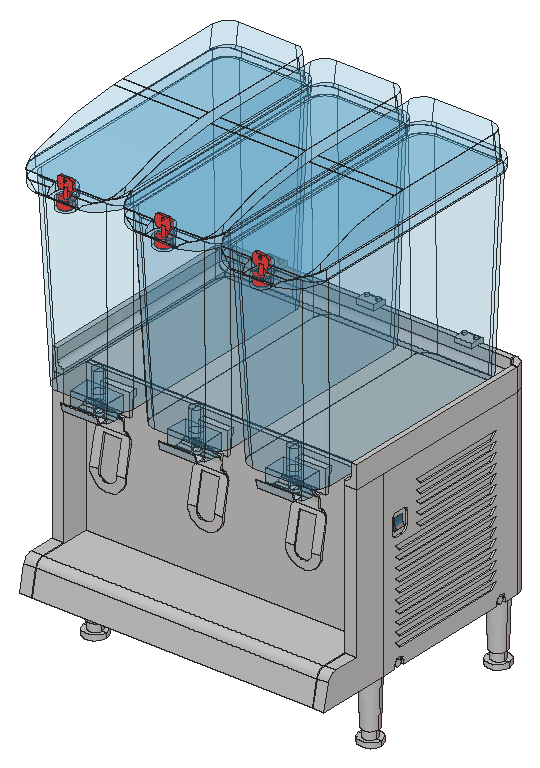
Revit family "QF_ELECTROLUXPROFESSIONAL_600935_ECS3L22", category Specialty Equipment, Revit 2018
Family settings
  Round Connector Dimension = Use Diameter
  Part Type = Normal
  Work Plane-Based = No
  Always vertical = Yes
  Cut with Voids When Loaded = No
  Shared = No
  Room Calculation Point = No
Parameters (values of type "Standard")
  Weight = 33.00 kg
  Watts = 0 W
  Volts = 230 V
  URL Manufacturer = "http://professional.electrolux.com"
  URL = "http://professional.electrolux.com"
  Steam Supply Size = 0 mm
  Steam Supply Minimum Pressure = 0.0 Pa
  Steam Supply Maximum Pressure = 0.0 Pa
  Steam Pounds per Hour = 0
  Refrigeration Suction Line Size = 0 mm
  Refrigeration Liquid Line Size = 0 mm
  Refrigerant Compressor Remote = yes
  Manufacturer = "Electrolux Professional"
  Phase = 1
  Model = "ECS3L22"
  Length Actual = 518.0 mm  # constant formula
  Item Number = "600935"
  Hot Water Size = 0 mm
  Height Actual = 818.0 mm  # constant formula
  HP = "1.3 HP"
  Gas Size = 0 mm
  Gas KW = 0
  Gas Input Pressure = 0 W
  Direct Waste Size = 0 mm
  Description = "COLD BEV DISP. 3X18 LT - AGITATOR"
  Depth Actual = 451.0 mm  # constant formula
  Cycle = 60 Hz
  Condensate Return Size = 0 mm
  Compressed Air Volume = 0.0 L/s
  Compressed Air Size = 0 mm
  Compressed Air Pressure = 0.0 Pa
  Cold Water Size = 0 mm
  Accessory = yes
Reference planes
  plane 1 "Center (Front/Back)": y = 0
  plane 2 "BASE": z = 0
  plane 3 "Center (Left/Right)": x = 0
  plane 4 "FEET": z = 110
  plane 5 "BACK": y = 212
  plane 6 "LEFT": x = -260
  plane 7 "RIGHT": x = 260
  plane 8 "FeetBack": y = 182
  plane 9 "EI_Front": y = -18
  plane 10 "TopBase": z = 420
  plane 11 "TOP": z = 818
  plane 12 "FRONT": y = -256
  plane 13 "FeetFront": y = -91
  plane 14 "Fillet": y = 192
  plane 15 "EI_Left": x = 234.6
  plane 16 "BaseVasca": z = 420
  plane 17 "Key": y = -238.074
Forms (mm)
  Extrusion 1, solid, material "QF_Finishes_Rubber Black"
    sketch origin (127, -237.264, 237.417) x (-1, 0, 0) y (0, 0, 1)
      loop
        line (-134.813, 85.505) -> (-130.245, 83.471) -> (-130.245, 81.362) -> (-128, 81.362) -> (-128, 101.362) -> (-130.245, 101.362)
        arc (-130.245, 101.362) -> (-131.172, 93.043) -> (-134.813, 85.505) r 24.82
    from 185 to 170
  Extrusion 2, solid, material "QF_Clearances", detail levels coarse
    sketch origin (1888.173, -11.659, 0) x (1, 0, 0) y (0, 1, 0)
      loop
        line (-2148.173, -244.341) -> (-2148.173, 223.659) -> (-1628.173, 223.659) -> (-1628.173, -244.341) -> (-1501.173, -244.341) -> (-1501.173, 373.659) -> (-2275.173, 373.659) -> (-2275.173, -244.341) -> (-2148.173, -244.341)
    from 0 to 818
  Revolve 3, solid, material "QF_Finishes_Stainless Steel"
    sketch origin (127, -91, 0) x (0, 0, 1) y (1, 0, 0)
      loop
        line (0, 127) -> (0, 108) -> (110, 108) -> (110, 125.038) -> (23, 122) -> (23, 119) -> (8, 119) -> (8, 127) -> (0, 127)
      axis (0, 108) -> (110, 108)
    angle from 0 to 360
  Revolve 4, solid, material "QF_Finishes_Stainless Steel"
    sketch origin (-127, -91, 0) x (0, 0, 1) y (1, 0, 0)
      loop
        line (0, -127) -> (8, -127) -> (8, -119) -> (23, -119) -> (23, -122) -> (110, -125.038) -> (110, -108) -> (0, -108) -> (0, -127)
      axis (0, -108) -> (110, -108)
    angle from 0 to 360
  Revolve 5, solid, material "QF_Finishes_Stainless Steel"
    sketch origin (127, 182, 0) x (-1, 0, 0) y (0, 0, 1)
      loop
        line (-127, 0) -> (-108, 0) -> (-108, 110) -> (-125.038, 110) -> (-122, 23) -> (-119, 23) -> (-119, 8) -> (-127, 8) -> (-127, 0)
      axis (-108, 0) -> (-108, 110)
    angle from 0 to 360
  Revolve 6, solid, material "QF_Finishes_Stainless Steel"
    sketch origin (-127, 182, 0) x (-1, 0, 0) y (0, 0, 1)
      loop
        line (127, 0) -> (127, 8) -> (119, 8) -> (119, 23) -> (122, 23) -> (125.038, 110) -> (108, 110) -> (108, 0) -> (127, 0)
      axis (108, 0) -> (108, 110)
    angle from 0 to 360
  Extrusion 7, solid, material "QF_Finishes_Stainless Steel"
    sketch origin (260, 0, 0) x (0, -1, 0) y (0, 0, 1)
      loop
        line (96.764, 110) -> (221, 110) -> (211.598, 151.16)
        arc (211.598, 151.16) -> (205.975, 160.107) -> (196, 163.597) r 16
        line (196, 163.597) -> (151, 163.597) -> (151, 420) -> (96.764, 420) -> (96.764, 110)
    from 20 to 0
  Extrusion 8, solid, material "QF_Finishes_Stainless Steel"
    sketch origin (0, 0, 0) x (0, 1, 0) y (0, 0, 1)
      loop
        line (-96.764, 110) -> (-96.764, 420) -> (-106, 420) -> (-106, 163.597) -> (-196, 163.597)
        arc (-196, 163.597) -> (-205.975, 160.107) -> (-211.598, 151.16) r 16
        line (-211.598, 151.16) -> (-221, 110) -> (-96.764, 110)
    from -240 to 240
  Extrusion 9, solid, material "QF_Finishes_Stainless Steel"
    sketch origin (260, -1000, 0) x (0, -1, 0) y (0, 0, 1)
      loop
        line (-903.236, 110) -> (-903.236, 420) -> (-1192, 420) -> (-1192, 110) -> (-1166, 110) -> (-1166, 115.694)
        arc (-1166, 115.694) -> (-1156, 125.694) -> (-1146, 115.694) r 10
        line (-1146, 115.694) -> (-1146, 110) -> (-948, 110) -> (-948, 115.694)
        arc (-948, 115.694) -> (-938, 125.694) -> (-928, 115.694) r 10
        line (-928, 115.694) -> (-928, 110) -> (-903.236, 110)
      loop
        arc (-923.159, 339.837) -> (-926.088, 346.908) -> (-933.159, 349.837) r 10
        line (-933.159, 349.837) -> (-947.159, 349.837)
        arc (-947.159, 349.837) -> (-954.23, 346.908) -> (-957.159, 339.837) r 10
        line (-957.159, 339.837) -> (-957.159, 319.837)
        arc (-957.159, 319.837) -> (-954.23, 312.766) -> (-947.159, 309.837) r 10
        line (-947.159, 309.837) -> (-933.159, 309.837)
        arc (-933.159, 309.837) -> (-926.088, 312.766) -> (-923.159, 319.837) r 10
        line (-923.159, 319.837) -> (-923.159, 339.837)
      loop
        line (-974.071, 381.364) -> (-1149.071, 381.364) -> (-1137.071, 369.364) -> (-986.071, 369.364) -> (-974.071, 381.364)
      loop
        line (-974.071, 364.864) -> (-1149.071, 364.864) -> (-1137.071, 352.864) -> (-986.071, 352.864) -> (-974.071, 364.864)
      loop
        line (-974.071, 348.364) -> (-1149.071, 348.364) -> (-1137.071, 336.364) -> (-986.071, 336.364) -> (-974.071, 348.364)
      loop
        line (-974.071, 331.864) -> (-1149.071, 331.864) -> (-1137.071, 319.864) -> (-986.071, 319.864) -> (-974.071, 331.864)
      loop
        line (-974.071, 315.364) -> (-1149.071, 315.364) -> (-1137.071, 303.364) -> (-986.071, 303.364) -> (-974.071, 315.364)
      loop
        line (-929.071, 298.864) -> (-1149.071, 298.864) -> (-1137.071, 286.864) -> (-941.071, 286.864) -> (-929.071, 298.864)
      loop
        line (-929.071, 282.364) -> (-1149.071, 282.364) -> (-1137.071, 270.364) -> (-941.071, 270.364) -> (-929.071, 282.364)
      loop
        line (-929.071, 265.864) -> (-1149.071, 265.864) -> (-1137.071, 253.864) -> (-941.071, 253.864) -> (-929.071, 265.864)
      loop
        line (-929.071, 249.364) -> (-1149.071, 249.364) -> (-1137.071, 237.364) -> (-941.071, 237.364) -> (-929.071, 249.364)
      loop
        line (-929.071, 232.864) -> (-1149.071, 232.864) -> (-1137.071, 220.864) -> (-941.071, 220.864) -> (-929.071, 232.864)
      loop
        line (-929.071, 216.364) -> (-1149.071, 216.364) -> (-1137.071, 204.364) -> (-941.071, 204.364) -> (-929.071, 216.364)
      loop
        line (-929.071, 199.864) -> (-1149.071, 199.864) -> (-1137.071, 187.864) -> (-941.071, 187.864) -> (-929.071, 199.864)
      loop
        line (-929.071, 183.364) -> (-1149.071, 183.364) -> (-1137.071, 171.364) -> (-941.071, 171.364) -> (-929.071, 183.364)
      loop
        line (-929.071, 166.864) -> (-1149.071, 166.864) -> (-1137.071, 154.864) -> (-941.071, 154.864) -> (-929.071, 166.864)
      loop
        line (-929.071, 150.364) -> (-1149.071, 150.364) -> (-1137.071, 138.364) -> (-941.071, 138.364) -> (-929.071, 150.364)
    from 5 to 0
  Extrusion 10, solid, material "QF_Finishes_Stainless Steel"
    sketch origin (-260, 0, 0) x (0, 1, 0) y (0, 0, 1)
      loop
        line (-96.764, 110) -> (-96.764, 420) -> (-151, 420) -> (-151, 163.597) -> (-196, 163.597)
        arc (-196, 163.597) -> (-205.975, 160.107) -> (-211.598, 151.16) r 16
        line (-211.598, 151.16) -> (-221, 110) -> (-96.764, 110)
    from 20 to 0
  Extrusion 11, solid, material "QF_Finishes_Stainless Steel"
    sketch origin (-260, 0, 0) x (0, 1, 0) y (0, 0, 1)
      loop
        line (-96.764, 110) -> (-72, 110) -> (-72, 115.694)
        arc (-72, 115.694) -> (-62, 125.694) -> (-52, 115.694) r 10
        line (-52, 115.694) -> (-52, 110) -> (146, 110) -> (146, 115.694)
        arc (146, 115.694) -> (156, 125.694) -> (166, 115.694) r 10
        line (166, 115.694) -> (166, 110) -> (192, 110) -> (192, 420) -> (-96.764, 420) -> (-96.764, 110)
      loop
        line (-70.929, 381.364) -> (-58.929, 369.364) -> (137.071, 369.364) -> (149.071, 381.364) -> (-70.929, 381.364)
      loop
        line (-70.929, 364.864) -> (-58.929, 352.864) -> (137.071, 352.864) -> (149.071, 364.864) -> (-70.929, 364.864)
      loop
        line (-70.929, 348.364) -> (-58.929, 336.364) -> (137.071, 336.364) -> (149.071, 348.364) -> (-70.929, 348.364)
      loop
        line (-70.929, 331.864) -> (-58.929, 319.864) -> (137.071, 319.864) -> (149.071, 331.864) -> (-70.929, 331.864)
      loop
        line (-70.929, 315.364) -> (-58.929, 303.364) -> (137.071, 303.364) -> (149.071, 315.364) -> (-70.929, 315.364)
      loop
        line (-70.929, 298.864) -> (-58.929, 286.864) -> (137.071, 286.864) -> (149.071, 298.864) -> (-70.929, 298.864)
      loop
        line (-70.929, 282.364) -> (-58.929, 270.364) -> (137.071, 270.364) -> (149.071, 282.364) -> (-70.929, 282.364)
      loop
        line (-70.929, 265.864) -> (-58.929, 253.864) -> (137.071, 253.864) -> (149.071, 265.864) -> (-70.929, 265.864)
      loop
        line (-70.929, 249.364) -> (-58.929, 237.364) -> (137.071, 237.364) -> (149.071, 249.364) -> (-70.929, 249.364)
      loop
        line (-70.929, 232.864) -> (-58.929, 220.864) -> (137.071, 220.864) -> (149.071, 232.864) -> (-70.929, 232.864)
      loop
        line (-70.929, 216.364) -> (-58.929, 204.364) -> (137.071, 204.364) -> (149.071, 216.364) -> (-70.929, 216.364)
      loop
        line (-70.929, 199.864) -> (-58.929, 187.864) -> (137.071, 187.864) -> (149.071, 199.864) -> (-70.929, 199.864)
      loop
        line (-70.929, 183.364) -> (-58.929, 171.364) -> (137.071, 171.364) -> (149.071, 183.364) -> (-70.929, 183.364)
      loop
        line (-70.929, 166.864) -> (-58.929, 154.864) -> (137.071, 154.864) -> (149.071, 166.864) -> (-70.929, 166.864)
      loop
        line (-70.929, 150.364) -> (-58.929, 138.364) -> (137.071, 138.364) -> (149.071, 150.364) -> (-70.929, 150.364)
    from 5 to 0
  Extrusion 12, solid, material "QF_Finishes_Stainless Steel"
    sketch origin (0, 0, 0) x (0, 1, 0) y (0, 0, 1)
      loop
        line (-96.764, 110) -> (192, 110) -> (192, 420) -> (-96.764, 420) -> (-96.764, 110)
    from 255 to -255
  Extrusion 13, solid, material "QF_Finishes_Stainless Steel"
    sketch origin (0, 0, 0) x (0, 1, 0) y (0, 0, 1)
      loop
        line (212, 110) -> (212, 420) -> (192, 420) -> (192, 110) -> (212, 110)
    from 240 to -240
  Extrusion 14, solid, material "QF_Finishes_Stainless Steel"
    sketch origin (0, -256, 0) x (-1, 0, 0) y (0, 0, 1)
      loop
        line (-260, 420) -> (-240, 420) -> (-240, 428.026)
        arc (-240, 428.026) -> (-247.802, 431.235) -> (-251.037, 439.026) r 11
        line (-251.037, 439.026) -> (-251.037, 458.026) -> (-260, 458.026) -> (-260, 420)
      loop
        line (260, 420) -> (260, 458.026) -> (251.037, 458.026) -> (251.037, 439.026)
        arc (251.037, 439.026) -> (247.802, 431.235) -> (240, 428.026) r 11
        line (240, 428.026) -> (240, 420) -> (260, 420)
    from 448 to 105
  Extrusion 15, solid, material "QF_Finishes_Stainless Steel"
    sketch origin (0, 0, 0) x (0, 1, 0) y (0, 0, 1)
      loop
        line (212, 420) -> (212, 458.026) -> (203.037, 458.026) -> (203.037, 439.026)
        arc (203.037, 439.026) -> (199.802, 431.235) -> (192, 428.026) r 11
        line (192, 428.026) -> (192, 420) -> (212, 420)
    from 240 to -240
  Revolve 16, solid, material "QF_Finishes_Stainless Steel"
    sketch origin (127, 192, 0) x (-1, 0, 0) y (0, 0, 1)
      loop
        line (-113, 420) -> (-113, 428.026)
        arc (-113, 428.026) -> (-120.802, 431.235) -> (-124.037, 439.026) r 11
        line (-124.037, 439.026) -> (-124.037, 458.026) -> (-133, 458.026) -> (-133, 420) -> (-113, 420)
      axis (-113, 420) -> (-113, 458.026)
    angle from 0 to -90
  Revolve 17, solid, material "QF_Finishes_Stainless Steel"
    sketch origin (-127, 192, 0) x (1, 0, 0) y (0, 0, 1)
      loop
        line (-113, 420) -> (-113, 428.026)
        arc (-113, 428.026) -> (-120.802, 431.235) -> (-124.037, 439.026) r 11
        line (-124.037, 439.026) -> (-124.037, 458.026) -> (-133, 458.026) -> (-133, 420) -> (-113, 420)
      axis (-113, 420) -> (-113, 458.026)
    angle from 0 to -90
  Extrusion 18, solid, material "QF_Finishes_Stainless Steel"
    sketch origin (0, 0, 110) x (-1, 0, 0) y (0, -1, 0)
      loop
        line (240, -192) -> (240, -212)
        arc (240, -212) -> (254.142, -206.142) -> (260, -192) r 20
        line (260, -192) -> (240, -192)
      loop
        arc (-260, -192) -> (-254.142, -206.142) -> (-240, -212) r 20
        line (-240, -212) -> (-240, -192) -> (-260, -192)
    from 0 to 310
  Extrusion 19, solid, material "QF_Finishes_Stainless Steel"
    sketch origin (260, 0, 0) x (0, -1, 0) y (0, 0, 1)
      loop
        circle (62, 115.694) r 5
      loop
        circle (-156, 115.694) r 5
    from 1 to 5
  Extrusion 20, solid, material "QF_Finishes_Stainless Steel"
    sketch origin (-260, 0, 0) x (0, 1, 0) y (0, 0, 1)
      loop
        circle (-62, 115.694) r 5
      loop
        circle (156, 115.694) r 5
    from 1 to 5
  Extrusion 21, solid, material "QF_Finishes_Stainless Steel"
    sketch origin (126.6, -18, 110) x (-1, 0, 0) y (0, -1, 0)
      loop
        circle (-108, 0) r 10
    from 0 to -10
Lines and regions (mm)
  symbolic lines
    curve 1: arc (-240, 212, 420) -> (-254.142, 206.142, 420) -> (-260, 192, 420) r 20
    curve 2: line (240, 212, 420) -> (182, 212, 420)
    curve 3: arc (240, 212, 420) -> (254.142, 206.142, 420) -> (260, 192, 420) r 20
    curve 4: line (-260, 192, 420) -> (-260, -221, 420)
    curve 5: line (260, -221, 420) -> (260, 192, 420)
    curve 6: line (240, 203.037, 420) -> (182, 203.037, 420)
    curve 7: arc (-240, 203.037, 420) -> (-247.805, 199.805, 420) -> (-251.037, 192, 420) r 11.037
    curve 8: arc (240, 203.037, 420) -> (247.805, 199.805, 420) -> (251.037, 192, 420) r 11.037
    curve 9: line (-251.037, 192, 420) -> (-251.037, -151, 420)
    curve 10: line (251.037, 192, 420) -> (251.037, -151, 420)
    curve 11: line (-248.369, -151, 420) -> (-260, -151, 420)
    curve 12: line (-260, -221, 420) -> (-244.943, -221, 420)
    curve 13: line (260, -221, 420) -> (244.943, -221, 420)
    curve 14: line (260, -151, 420) -> (248.369, -151, 420)
    curve 15: line (-182, 203.037, 420) -> (-240, 203.037, 420)
    curve 16: line (-15, 203.037, 420) -> (-152, 203.037, 420)
    curve 17: line (-15, 212, 420) -> (-152, 212, 420)
    curve 18: line (-182, 212, 420) -> (-240, 212, 420)
    curve 19: line (15, 212, 420) -> (152, 212, 420)
    curve 20: line (15, 203.008, 420) -> (152, 203.008, 420)
    curve 21: line (77.943, -221, 0) -> (89.057, -221, 0)
    curve 22: line (-89.057, -221, 0) -> (-77.943, -221, 0)
Dimensions and locks
  plane 4 "FEET" to level = 110.0 mm
  plane 6 "LEFT" to plane 3 "Center (Left/Right)" to plane 7 "RIGHT" = 260.0 mm, 260.0 mm
  plane 6 "LEFT" to plane 7 "RIGHT" = 520.0 mm
  plane 5 "BACK" to plane 8 "FeetBack" = 30.0 mm
  plane 7 "RIGHT" to plane 6 "LEFT" = 520.0 mm
  plane 5 "BACK" to plane 12 "FRONT" = 468.0 mm
  plane 11 "TOP" to level = 818.0 mm
  plane 9 "EI_Front" to plane 5 "BACK" = 230.0 mm
  plane 10 "TopBase" to level = 420.0 mm
  plane 15 "EI_Left" to plane 7 "RIGHT" = 25.4 mm
  plane 5 "BACK" to plane 9 "EI_Front" = 230.0 mm
  aligned and locked: level to plane 2 "BASE"
Nested families
  nested 1: "CS3-V3" at (0, 0.03, 0), type "CS3-V3"
  nested 2: "CS3-V3" at (-167, 0.03, 0), type "CS3-V3"
  nested 3: "CS3-V3" at (167, 0.03, 0), type "CS3-V3"
Connectors
  electrical at (234.6, -18, 100), driven by "Volts"
    settings: on Extrusion 21, index 1, voltage 230 V, apparent load 0 VA, apparent load phase1 0 VA, apparent load phase2 0 VA, apparent load phase3 0 VA, power factor 1, load classification "Other", number of poles 1, system type 30, power factor state 1, is connector primary yes, connector utility no, sub classification motor no, connector description "Electrical Connection"
Definition of nested family "CS3-V3"
  Parameters (values of type "CS3-V3")
    Weight = 48.00 kg
    Watts = 71.5353 W
    Volts = 230 V
    URL Manufacturer = "http://professional.electrolux.com"
    URL = "http://professional.electrolux.com"
    Steam Supply Size = 0 mm
    Steam Supply Minimum Pressure = 0.0 Pa
    Steam Supply Maximum Pressure = 0.0 Pa
    Steam Pounds per Hour = 0
    Refrigeration Suction Line Size = 0 mm
    Refrigeration Liquid Line Size = 0 mm
    Refrigerant Compressor Remote = yes
    Manufacturer = "Electrolux"
    Phase = 1
    Model = "SP2ITNK"
    Length Actual = 447.0 mm  # constant formula
    Item Number = "560013"
    Hot Water Size = 0 mm
    Height Actual = 612.0 mm  # constant formula
    HP = "1 HP"
    Gas Size = 0 mm
    Gas KW = 0
    Gas Input Pressure = 0 W
    Description = "2X5 LT BOWL - FROZEN GRANITA AND FROZEN CREAM DISPENSER - 2 INSULATED BOWLS - WHITE"
    Depth Actual = 438.0 mm  # constant formula
    Cycle = 50 Hz
    Condensate Return Size = 0 mm
    Compressed Air Volume = 0.0 L/s
    Compressed Air Size = 0 mm
    Compressed Air Pressure = 0.0 Pa
    Cold Water Size = 0 mm
    Accessory = yes
  Reference planes
    plane 1 "Center (Front/Back)": y = 0
    plane 2 "BASE": z = 0
    plane 3 "Center (Left/Right)": x = 0
    plane 4 "FEET": z = 110
    plane 5 "BACK": y = 212
    plane 6 "TopBase": z = 420
    plane 7 "TOP2": z = 729
    plane 8 "FRONT": y = -256
    plane 9 "Fillet": y = 192
    plane 10 "BaseVasca": z = 420
    plane 11 "Key": y = -238.074
    plane 12: y = -168.455
    plane 13: z = 818
    plane 14 "Left": x = -81.369
    plane 15 "Right": x = 81.369
  Forms (mm)
    Blend 1, solid
      base sketch origin (64.522, 0, 420) x (0, -1, 0) y (1, 0, 0)
        loop
          arc (178, -132.522) -> (195.678, -125.199) -> (203, -107.522) r 25
          line (203, -107.522) -> (203, -21.522)
          arc (203, -21.522) -> (195.678, -3.844) -> (178, 3.478) r 25
          line (178, 3.478) -> (-167, 3.478)
          arc (-167, 3.478) -> (-184.678, -3.844) -> (-192, -21.522) r 25
          line (-192, -21.522) -> (-192, -107.522)
          arc (-192, -107.522) -> (-184.678, -125.199) -> (-167, -132.522) r 25
          line (-167, -132.522) -> (178, -132.522)
      top sketch origin (64.522, 0, 420) x (0, -1, 0) y (1, 0, 0)
        loop
          arc (-199, -118.022) -> (-191.678, -135.699) -> (-174, -143.022) r 25
          line (-174, -143.022) -> (193, -143.022)
          arc (193, -143.022) -> (210.678, -135.699) -> (218, -118.022) r 25
          line (218, -118.022) -> (218, -11.022)
          arc (218, -11.022) -> (210.678, 6.656) -> (193, 13.978) r 25
          line (193, 13.978) -> (-174, 13.978)
          arc (-174, 13.978) -> (-191.678, 6.656) -> (-199, -11.022) r 25
          line (-199, -11.022) -> (-199, -118.022)
      from 8 to 336
    Blend 2, solid
      base sketch origin (133, 0, 420) x (0, -1, 0) y (1, 0, 0)
        loop
          arc (-192, -186.706) -> (-184.678, -204.383) -> (-167, -211.706) r 25
          line (-167, -211.706) -> (210.038, -211.706)
          arc (210.038, -211.706) -> (240.444, -199.111) -> (253.038, -168.706) r 43
          line (253.038, -168.706) -> (253.038, -97.706)
          arc (253.038, -97.706) -> (240.444, -67.3) -> (210.038, -54.706) r 43
          line (210.038, -54.706) -> (-167, -54.706)
          arc (-167, -54.706) -> (-184.678, -62.028) -> (-192, -79.706) r 25
          line (-192, -79.706) -> (-192, -186.706)
      top sketch origin (133, 0, 420) x (0, -1, 0) y (1, 0, 0)
        loop
          arc (-192, -181.5) -> (-184.678, -199.178) -> (-167, -206.5) r 25
          line (-167, -206.5) -> (200.138, -206.5)
          arc (200.138, -206.5) -> (235.494, -191.855) -> (250.138, -156.5) r 50
          line (250.138, -156.5) -> (250.138, -109.5)
          arc (250.138, -109.5) -> (235.494, -74.145) -> (200.138, -59.5) r 50
          line (200.138, -59.5) -> (-167, -59.5)
          arc (-167, -59.5) -> (-184.678, -66.822) -> (-192, -84.5) r 25
          line (-192, -84.5) -> (-192, -181.5)
      from 354.3 to 398
    Extrusion 3, solid
      sketch origin (64.522, 0, 420) x (0, -1, 0) y (1, 0, 0)
        loop
          line (256, -102.29) -> (256, -26.753)
          arc (256, -26.753) -> (236.607, 4.592) -> (201.845, 16.847) r 55.433
          line (201.845, 16.847) -> (-176.323, 16.847)
          arc (-176.323, 16.847) -> (-195.191, 8.233) -> (-202.9, -11.022) r 27.9
          line (-202.9, -11.022) -> (-202.9, -118.022)
          arc (-202.9, -118.022) -> (-195.191, -137.277) -> (-176.323, -145.89) r 27.9
          line (-176.323, -145.89) -> (201.845, -145.89)
          arc (201.845, -145.89) -> (236.607, -133.636) -> (256, -102.29) r 55.433
      from 354.3 to 336
    Extrusion 4, void
      sketch origin (0, 0, 0) x (0, 1, 0) y (0, 0, 1)
        loop
          line (-26.39, 818) -> (-26.39, 823) -> (-256, 823) -> (-256, 758.303) -> (-254.726, 761.803)
          arc (-254.726, 761.803) -> (-252.106, 766.514) -> (-248.147, 770.172) r 17.063
          arc (-248.147, 770.172) -> (-148.754, 802.466) -> (-45.263, 817.011) r 599.546
          line (-45.263, 817.011) -> (-26.39, 818)
      from -81.369 to 81.369
    Extrusion 5, void
      sketch origin (0, 0, 89) x (0, 1, 0) y (0, 0, 1)
        loop
          arc (-249.651, 680.531) -> (-239.286, 684.849) -> (-228.842, 688.973) r 599.546
          line (-228.842, 688.973) -> (-262.493, 688.973) -> (-262.493, 670.038) -> (-256, 670.038)
          arc (-256, 670.038) -> (-254.289, 676.17) -> (-249.651, 680.531) r 11.845
      from -66.5 to 66.5
    Extrusion 6, void
      sketch origin (0, 0, 420) x (0, -1, 0) y (1, 0, 0)
        loop
          line (238.074, -17.633) -> (256, -17.633) -> (256, 17.633) -> (238.074, 17.633)
          arc (238.074, 17.633) -> (220.441, 0) -> (238.074, -17.633) r 17.633
      from 338.3 to 354.3
    Extrusion 7, void
      sketch origin (64.522, 0, 420) x (0, -1, 0) y (1, 0, 0)
        loop
          circle (238.074, -64.522) r 12
      from 322.4 to 336
    Extrusion 8, solid
      sketch origin (64.522, 0, 420) x (0, -1, 0) y (1, 0, 0)
        loop
          circle (238.074, -64.522) r 15.757
      from 319.6 to 336
    Revolve 9, solid
      sketch origin (64.522, -238.074, 89) x (-1, 0, 0) y (0, 0, 1)
        loop
          line (64.522, 683.398) -> (61.099, 683.398) -> (61.099, 667) -> (52.522, 667) -> (52.522, 653.373) -> (64.522, 653.373) -> (64.522, 683.398)
        axis (64.522, 653.373) -> (64.522, 683.398)
      angle from 0 to 360
    Extrusion 10, solid
      sketch origin (64.522, -238.074, 89) x (-1, 0, 0) y (0, 0, 1)
        loop
          line (62.099, 683.398) -> (66.944, 683.398) -> (66.944, 678.398) -> (71.849, 678.398)
          arc (71.849, 678.398) -> (76.091, 680.156) -> (77.849, 684.398) r 6
          line (77.849, 684.398) -> (77.849, 692.398)
          arc (77.849, 692.398) -> (76.091, 696.641) -> (71.849, 698.398) r 6
          line (71.849, 698.398) -> (57.195, 698.398)
          arc (57.195, 698.398) -> (52.952, 696.641) -> (51.195, 692.398) r 6
          line (51.195, 692.398) -> (51.195, 684.398)
          arc (51.195, 684.398) -> (52.952, 680.156) -> (57.195, 678.398) r 6
          line (57.195, 678.398) -> (62.099, 678.398) -> (62.099, 683.398)
        loop
          circle (64.522, 693.106) r 3
      from -2 to 2
    Extrusion 11, solid
      sketch origin (0, 0, 0) x (0, 1, 0) y (0, 0, 1)
        loop
          line (-190.5, 428) -> (-190.5, 398) -> (-174.107, 395.109) -> (-164.107, 395.109) -> (-159.607, 399.609) -> (-153.116, 399.609) -> (-153.116, 428) -> (-190.5, 428)
      from -31.045 to 31
    Revolve 12, void
      sketch origin (0, 0, 0) x (0, 1, 0) y (0, 0, 1)
        loop
          line (-168.455, 463.265) -> (-178.327, 463.265) -> (-178.327, 410.984) -> (-175.351, 410.984) -> (-175.351, 398) -> (-174.149, 398) -> (-174.149, 388) -> (-168.455, 388) -> (-168.455, 463.265)
        axis (-168.455, 388) -> (-168.455, 463.265)
      angle from 0 to 360
    Revolve 13, solid
      sketch origin (0, 0, 0) x (0, 1, 0) y (0, 0, 1)
        loop
          line (-168.455, 385.109) -> (-163.455, 385.109) -> (-163.455, 395.109) -> (-161.56, 395.109) -> (-161.56, 398) -> (-168.455, 398) -> (-168.455, 385.109)
        axis (-168.455, 398) -> (-168.455, 385.109)
      angle from 0 to 360
    Extrusion 14, solid
      sketch origin (0, 0, 0) x (0, 1, 0) y (0, 0, 1)
        loop
          line (-211.42, 417.932) -> (-207.338, 404.58) -> (-190.5, 404.58) -> (-190.5, 405.58) -> (-206.598, 405.58) -> (-210.464, 418.224) -> (-211.42, 417.932)
      from -31.045 to 31
    Extrusion 15, solid
      sketch origin (0, 0, 0) x (0, 1, 0) y (0, 0, 1)
        loop
          line (-149.25, 259.609) -> (-148.25, 259.609) -> (-148.25, 296.088) -> (-136.39, 354.802)
          arc (-136.39, 354.802) -> (-135.207, 366.291) -> (-136.255, 377.793) r 59.784
          line (-136.255, 377.793) -> (-131.876, 379.387) -> (-129.145, 379.387) -> (-129.145, 380.887) -> (-132.141, 380.887) -> (-136.557, 379.279) -> (-139.722, 379.279) -> (-156.78, 399.609) -> (-158.086, 399.609) -> (-140.188, 378.279) -> (-137.37, 378.279)
          arc (-137.37, 378.279) -> (-136.206, 366.64) -> (-137.37, 355) r 58.784
          line (-137.37, 355) -> (-149.25, 296.188) -> (-149.25, 259.609)
      from -30 to 30
    Extrusion 16, void
      sketch origin (0, -238.074, 0) x (-1, 0, 0) y (0, 0, 1)
        loop
          line (15, 348.279) -> (-15, 348.279) -> (-15, 288.279)
          arc (-15, 288.279) -> (0, 279.279) -> (15, 288.279) r 17
          line (15, 288.279) -> (15, 348.279)
        loop
          arc (30, 288.469) -> (0, 265.279) -> (-30, 288.469) r 31
          line (-30, 288.469) -> (-30, 344.632)
          arc (-30, 344.632) -> (-26.112, 354.705) -> (-16.464, 359.553) r 14.993
          line (-16.464, 359.553) -> (-16.464, 399.609) -> (-36.464, 399.609) -> (-36.464, 259.609) -> (36.464, 259.609) -> (36.464, 399.609) -> (16.464, 399.609) -> (16.464, 359.553)
          arc (16.464, 359.553) -> (26.112, 354.705) -> (30, 344.632) r 14.993
          line (30, 344.632) -> (30, 288.469)
      from 79.263 to 108.929
    Extrusion 17, solid
      sketch origin (0, 0, 0) x (0, 1, 0) y (0, 0, 1)
        loop
          line (-133.507, 380.887) -> (-129.145, 380.887) -> (-129.145, 406.439) -> (-121.488, 410.009) -> (-121.488, 420.078) -> (-133.507, 420.078) -> (-133.507, 380.887)
      from -25 to 24.963
    Extrusion 18, solid
      sketch origin (0, 0, 0) x (0, 1, 0) y (0, 0, 1)
        loop
          line (192, 458) -> (212, 458) -> (212, 447.335) -> (215, 447.335) -> (215, 462.335)
          arc (215, 462.335) -> (213.865, 465.076) -> (211.123, 466.212) r 3.877
          line (211.123, 466.212) -> (192, 466.212) -> (192, 458)
      from 15 to -15
    Extrusion 19, solid
      sketch origin (0, 0, 420) x (0, -1, 0) y (1, 0, 0)
        loop
          circle (-207, -10) r 3
        loop
          circle (-207, 10) r 3
      from 46.212 to 48.2
  Cuts and joins
    Extrusion 4, Extrusion 6 cuts Blend 2
    Extrusion 5, Extrusion 6, Extrusion 7 cuts Extrusion 3
    Extrusion 7, Revolve 12 cuts Blend 1
    Extrusion 7 cuts Extrusion 8
    Revolve 12, Extrusion 16 cuts Extrusion 11
    Extrusion 16 cuts Extrusion 15
  Lines and regions (mm)
    symbolic lines
      curve 1: arc (-48.5, 192, 420) -> (-66.178, 184.678, 420) -> (-73.5, 167, 420) r 25
      curve 2: arc (-78.706, 167, 420) -> (-71.383, 184.678, 420) -> (-53.706, 192, 420) r 25
      curve 3: arc (-53.5, 194.9, 420) -> (-72.755, 187.191, 420) -> (-81.369, 168.323, 420) r 27.9
      curve 4: line (-53.5, 194.9, 420) -> (53.5, 194.9, 420)
      curve 5: arc (81.369, 168.323, 420) -> (72.755, 187.191, 420) -> (53.5, 194.9, 420) r 27.9
      curve 6: arc (53.294, 192, 420) -> (70.972, 184.678, 420) -> (78.294, 167, 420) r 25
      curve 7: arc (73.5, 167, 420) -> (66.178, 184.678, 420) -> (48.5, 192, 420) r 25
      curve 8: line (53.294, 192, 420) -> (-53.706, 192, 420)
      curve 9: line (-81.369, -201.845, 420) -> (-81.369, 168.323, 420)
      curve 10: line (-78.706, -210.038, 420) -> (-78.706, 167, 420)
      curve 11: line (-73.5, 167, 420) -> (-73.5, -26.39, 420)
      curve 12: line (73.5, -26.39, 420) -> (73.5, 167, 420)
      curve 13: line (78.294, 167, 420) -> (78.294, -210.038, 420)
      curve 14: line (81.369, 168.323, 420) -> (81.369, -201.845, 420)
      curve 15: line (-73.504, -26.39, 420) -> (73.5, -26.39, 420)
      curve 16: arc (-81.369, -201.845, 420) -> (-69.114, -236.607, 420) -> (-37.769, -256, 420) r 55.433
      curve 17: arc (-68.4, -237.968, 420) -> (-76.047, -224.923, 420) -> (-78.706, -210.038, 420) r 43
      curve 18: spline (-77.343, -207.595, 420) -> (-77.408, -210.29, 420) -> (-77.322, -212.98, 420) -> (-77.084, -215.657, 420) -> (-76.697, -218.314, 420) -> (-76.16, -220.944, 420) -> (-75.475, -223.539, 420) -> (-74.644, -226.091, 420) -> (-73.67, -228.594, 420) -> (-72.555, -231.039, 420) -> (-71.303, -233.421, 420) -> (-69.917, -235.733, 420) -> (-68.4, -237.968, 420)
      curve 19: arc (37.769, -256, 420) -> (69.114, -236.607, 420) -> (81.369, -201.845, 420) r 55.433
      curve 20: arc (78.294, -210.038, 420) -> (75.636, -224.923, 420) -> (67.989, -237.968, 420) r 43
      curve 21: spline (67.989, -237.968, 420) -> (69.521, -235.721, 420) -> (70.921, -233.396, 420) -> (72.187, -231.001, 420) -> (73.314, -228.543, 420) -> (74.298, -226.028, 420) -> (75.138, -223.463, 420) -> (75.831, -220.857, 420) -> (76.374, -218.216, 420) -> (76.767, -215.547, 420) -> (77.008, -212.86, 420) -> (77.096, -210.16, 420) -> (77.032, -207.457, 420)
      curve 22: line (78.294, 167, 420) -> (78.294, -210.038, 420)
      curve 23: line (-17.633, -256, 420) -> (-17.633, -238.074, 420)
      curve 24: line (13.327, -240.074, 420) -> (-13.327, -240.074, 420)
      curve 25: line (-13.327, -236.074, 420) -> (13.327, -236.074, 420)
      curve 26: line (17.633, -238.074, 420) -> (17.633, -256, 420)
      curve 27: line (37.769, -256, 420) -> (-37.769, -256, 420)
      curve 28: arc (2.777, -240.074, 420) -> (0, -241.496, 420) -> (-2.777, -240.074, 420) r 3.422
      curve 29: line (-73.504, -26.39, 420) -> (-77.343, -207.595, 420)
      curve 30: line (73.5, -26.39, 420) -> (77.032, -207.457, 420)
      curve 31: arc (17.633, -238.074, 420) -> (0, -220.441, 420) -> (-17.633, -238.074, 420) r 17.633
      curve 32: line (13.327, -240.074, 420) -> (13.327, -236.074, 420)
      curve 33: line (-13.327, -240.074, 420) -> (-13.327, -236.074, 420)
      curve 34: arc (-11.832, -236.074, 420) -> (0, -226.074, 420) -> (11.832, -236.074, 420) r 12
      curve 35: arc (11.832, -240.074, 420) -> (0, -250.074, 420) -> (-11.832, -240.074, 420) r 12
      curve 36: circle (0, -238.074, 420) r 15.757 normal (0, 0, -1)
      curve 37: arc (-2.777, -236.074, 420) -> (0, -234.652, 420) -> (2.777, -236.074, 420) r 3.422
      curve 38: line (-15, 194.9, 420) -> (-15, 215, 420)
      curve 39: line (-15, 215, 420) -> (15, 215, 420)
      curve 40: line (15, 215, 420) -> (15, 194.9, 420)
      curve 41: circle (-10, 207, 420) r 3 normal (0, 0, -1)
      curve 42: circle (10, 207, 420) r 3 normal (0, 0, 1)
  Dimensions and locks
    plane 4 "FEET" to level = 110.0 mm
    plane 5 "BACK" to plane 1 "Center (Front/Back)" = 212.0 mm
    plane 5 "BACK" to plane 8 "FRONT" = 468.0 mm
    plane 6 "TopBase" to level = 420.0 mm
    plane 13 to level = 818.0 mm
    radius of Extrusion 7 sketch curve = 12.0 mm
    aligned and locked: level to plane 2 "BASE"
